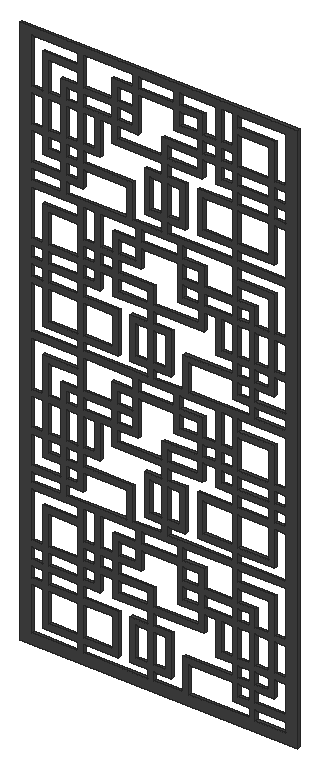
Revit family "Squares", category Generic Models, Revit 2016
Family settings
  Part Type = Normal
  Can host rebar = No
  Round Connector Dimension = Use Diameter
  Work Plane-Based = Yes
  Always vertical = No
  Cut with Voids When Loaded = No
  Shared = No
  Room Calculation Point = No
Parameters
  Default Elevation = 4' - 0"
Reference planes (in)
  plane 1 "Center (Front/Back)": y = 0
  plane 2: z = 0
  plane 3 "Center (Left/Right)": x = 0
Forms (in)
  Extrusion 1, solid, material "Black)"
    sketch origin (288, 0, 0) x (1, 0, 0) y (0, 0, 1)
      loop
        line (-240, 95.75) -> (-288, 95.75) -> (-288, 0) -> (-240, 0) -> (-240, 95.75)
      loop
        line (-286, 1.76282) -> (-278, 1.76282) -> (-278, 3.18665) -> (-284.07617, 3.18665) -> (-284.07617, 9.26282) -> (-286, 9.26282) -> (-286, 1.76282)
      loop
        line (-242, 24.11049) -> (-250.2285, 24.11049) -> (-250.2285, 22.18665) -> (-243.92383, 22.18665) -> (-243.92383, 16.11049) -> (-242, 16.11049) -> (-242, 24.11049)
      loop
        line (-277, 1.76282) -> (-265.84767, 1.76282) -> (-265.84767, 3.18665) -> (-268.92383, 3.18665) -> (-268.92383, 10.26282) -> (-265.84767, 10.26282) -> (-265.84767, 12.18665) -> (-271.92383, 12.18665) -> (-271.92383, 15.11049) -> (-274.07617, 15.11049) -> (-274.07617, 12.18665) -> (-277, 12.18665) -> (-277, 10.26282) -> (-270.92383, 10.26282) -> (-270.92383, 3.18665) -> (-277, 3.18665) -> (-277, 1.76282)
      loop
        line (-286, 10.26282) -> (-284.07617, 10.26282) -> (-284.07617, 12.18665) -> (-286, 12.18665) -> (-286, 10.26282)
      loop
        line (-286, 13.18665) -> (-284.07617, 13.18665) -> (-284.07617, 15.11049) -> (-286, 15.11049) -> (-286, 13.18665)
      loop
        line (-286, 16.11049) -> (-284.07617, 16.11049) -> (-284.07617, 22.18665) -> (-278, 22.18665) -> (-278, 24.11049) -> (-286, 24.11049) -> (-286, 16.11049)
      loop
        line (-283.07617, 21.18665) -> (-283.07617, 16.11049) -> (-278, 16.11049) -> (-278, 21.18665) -> (-283.07617, 21.18665)
      loop
        line (-283.07617, 4.18665) -> (-278, 4.18665) -> (-278, 9.26282) -> (-283.07617, 9.26282) -> (-283.07617, 4.18665)
      loop
        line (-271.92383, 9.26282) -> (-277, 9.26282) -> (-277, 4.18665) -> (-271.92383, 4.18665) -> (-271.92383, 9.26282)
      loop
        line (-275.07617, 24.11049) -> (-277, 24.11049) -> (-277, 19.03432) -> (-275.07617, 19.03432) -> (-275.07617, 24.11049)
      loop
        line (-274.07617, 24.11049) -> (-274.07617, 19.03432) -> (-271.92383, 19.03432) -> (-271.92383, 22.18665) -> (-267.92383, 22.18665) -> (-267.92383, 24.11049) -> (-274.07617, 24.11049)
      loop
        line (-264.84767, 16.11049) -> (-264.84767, 13.18665) -> (-257.07617, 13.18665) -> (-257.07617, 15.11049) -> (-260.7715, 15.11049) -> (-260.7715, 21.18665) -> (-266.92383, 21.18665) -> (-266.92383, 18.03432) -> (-270.92383, 18.03432) -> (-270.92383, 16.11049) -> (-264.84767, 16.11049)
      loop
        line (-265.84767, 15.11049) -> (-270.92383, 15.11049) -> (-270.92383, 13.18665) -> (-265.84767, 13.18665) -> (-265.84767, 15.11049)
      loop
        line (-261.7715, 10.26282) -> (-261.7715, 3.18665) -> (-264.84767, 3.18665) -> (-264.84767, 1.76282) -> (-259.7715, 1.76282) -> (-259.7715, 7.33898) -> (-251.2285, 7.33898) -> (-251.2285, 9.26282) -> (-254.15233, 9.26282) -> (-254.15233, 15.11049) -> (-256.07617, 15.11049) -> (-256.07617, 12.18665) -> (-264.84767, 12.18665) -> (-264.84767, 10.26282) -> (-261.7715, 10.26282)
      loop
        line (-262.7715, 9.26282) -> (-264.84767, 9.26282) -> (-264.84767, 4.18665) -> (-262.7715, 4.18665) -> (-262.7715, 9.26282)
      loop
        line (-267.92383, 9.26282) -> (-267.92383, 4.18665) -> (-265.84767, 4.18665) -> (-265.84767, 9.26282) -> (-267.92383, 9.26282)
      loop
        line (-270.92383, 21.18665) -> (-270.92383, 19.03432) -> (-267.92383, 19.03432) -> (-267.92383, 21.18665) -> (-270.92383, 21.18665)
      loop
        line (-277, 18.03432) -> (-277, 16.11049) -> (-275.07617, 16.11049) -> (-275.07617, 18.03432) -> (-277, 18.03432)
      loop
        line (-266.92383, 24.11049) -> (-266.92383, 22.18665) -> (-260.7715, 22.18665) -> (-260.7715, 24.11049) -> (-266.92383, 24.11049)
      loop
        line (-256.07617, 22.18665) -> (-256.07617, 19.03432) -> (-251.2285, 19.03432) -> (-251.2285, 24.11049) -> (-259.7715, 24.11049) -> (-259.7715, 22.18665) -> (-256.07617, 22.18665)
      loop
        line (-257.07617, 21.18665) -> (-259.7715, 21.18665) -> (-259.7715, 19.03432) -> (-257.07617, 19.03432) -> (-257.07617, 21.18665)
      loop
        line (-258.7715, 6.33898) -> (-258.7715, 1.76282) -> (-248.30467, 1.76282) -> (-248.30467, 3.41515) -> (-251.2285, 3.41515) -> (-251.2285, 6.33898) -> (-258.7715, 6.33898)
      loop
        line (-253.15233, 10.26282) -> (-251.2285, 10.26282) -> (-251.2285, 15.11049) -> (-253.15233, 15.11049) -> (-253.15233, 10.26282)
      loop
        line (-259.7715, 16.11049) -> (-257.07617, 16.11049) -> (-257.07617, 18.03432) -> (-259.7715, 18.03432) -> (-259.7715, 16.11049)
      loop
        line (-250.2285, 4.41515) -> (-248.30467, 4.41515) -> (-248.30467, 6.33898) -> (-250.2285, 6.33898) -> (-250.2285, 4.41515)
      loop
        line (-247.30467, 19.03432) -> (-247.30467, 16.11049) -> (-244.92383, 16.11049) -> (-244.92383, 21.18665) -> (-250.2285, 21.18665) -> (-250.2285, 19.03432) -> (-247.30467, 19.03432)
      loop
        line (-248.30467, 18.03432) -> (-250.2285, 18.03432) -> (-250.2285, 16.11049) -> (-248.30467, 16.11049) -> (-248.30467, 18.03432)
      loop
        line (-277, 15.11049) -> (-277, 13.18665) -> (-275.07617, 13.18665) -> (-275.07617, 15.11049) -> (-277, 15.11049)
      loop
        line (-278, 13.18665) -> (-278, 15.11049) -> (-283.07617, 15.11049) -> (-283.07617, 13.18665) -> (-278, 13.18665)
      loop
        line (-278, 10.26282) -> (-278, 12.18665) -> (-283.07617, 12.18665) -> (-283.07617, 10.26282) -> (-278, 10.26282)
      loop
        line (-274.07617, 18.03432) -> (-274.07617, 16.11049) -> (-271.92383, 16.11049) -> (-271.92383, 18.03432) -> (-274.07617, 18.03432)
      loop
        line (-256.07617, 18.03432) -> (-256.07617, 16.11049) -> (-251.2285, 16.11049) -> (-251.2285, 18.03432) -> (-256.07617, 18.03432)
      loop
        line (-250.2285, 15.11049) -> (-250.2285, 10.26282) -> (-248.30467, 10.26282) -> (-248.30467, 15.11049) -> (-250.2285, 15.11049)
      loop
        line (-247.30467, 15.11049) -> (-247.30467, 10.26282) -> (-244.92383, 10.26282) -> (-244.92383, 15.11049) -> (-247.30467, 15.11049)
      loop
        line (-243.92383, 15.11049) -> (-243.92383, 10.26282) -> (-242, 10.26282) -> (-242, 15.11049) -> (-243.92383, 15.11049)
      loop
        line (-250.2285, 9.26282) -> (-250.2285, 7.33898) -> (-248.30467, 7.33898) -> (-248.30467, 9.26282) -> (-250.2285, 9.26282)
      loop
        line (-247.30467, 9.26282) -> (-247.30467, 7.33898) -> (-244.92383, 7.33898) -> (-244.92383, 9.26282) -> (-247.30467, 9.26282)
      loop
        line (-243.92383, 9.26282) -> (-243.92383, 6.33898) -> (-247.30467, 6.33898) -> (-247.30467, 4.41515) -> (-242, 4.41515) -> (-242, 9.26282) -> (-243.92383, 9.26282)
      loop
        line (-247.30467, 3.41515) -> (-247.30467, 1.76282) -> (-242, 1.76282) -> (-242, 3.41515) -> (-247.30467, 3.41515)
      loop
        line (-250.2285, 25.11049) -> (-242, 25.11049) -> (-242, 32.61049) -> (-243.92383, 32.61049) -> (-243.92383, 26.53432) -> (-250.2285, 26.53432) -> (-250.2285, 25.11049)
      loop
        line (-286, 47.45815) -> (-286, 39.45815) -> (-284.07617, 39.45815) -> (-284.07617, 45.53432) -> (-278, 45.53432) -> (-278, 47.45815) -> (-286, 47.45815)
      loop
        line (-251.2285, 25.11049) -> (-251.2285, 26.53432) -> (-257.30467, 26.53432) -> (-257.30467, 33.61049) -> (-251.2285, 33.61049) -> (-251.2285, 35.53432) -> (-254.15233, 35.53432) -> (-254.15233, 38.45815) -> (-256.30467, 38.45815) -> (-256.30467, 35.53432) -> (-262.38083, 35.53432) -> (-262.38083, 33.61049) -> (-259.30467, 33.61049) -> (-259.30467, 26.53432) -> (-262.38083, 26.53432) -> (-262.38083, 25.11049) -> (-251.2285, 25.11049)
      loop
        line (-242, 33.61049) -> (-242, 35.53432) -> (-243.92383, 35.53432) -> (-243.92383, 33.61049) -> (-242, 33.61049)
      loop
        line (-242, 36.53432) -> (-242, 38.45815) -> (-243.92383, 38.45815) -> (-243.92383, 36.53432) -> (-242, 36.53432)
      loop
        line (-242, 39.45815) -> (-242, 47.45815) -> (-250.2285, 47.45815) -> (-250.2285, 45.53432) -> (-243.92383, 45.53432) -> (-243.92383, 39.45815) -> (-242, 39.45815)
      loop
        line (-244.92383, 44.53432) -> (-250.2285, 44.53432) -> (-250.2285, 39.45815) -> (-244.92383, 39.45815) -> (-244.92383, 44.53432)
      loop
        line (-244.92383, 27.53432) -> (-244.92383, 32.61049) -> (-250.2285, 32.61049) -> (-250.2285, 27.53432) -> (-244.92383, 27.53432)
      loop
        line (-256.30467, 32.61049) -> (-256.30467, 27.53432) -> (-251.2285, 27.53432) -> (-251.2285, 32.61049) -> (-256.30467, 32.61049)
      loop
        line (-253.15233, 47.45815) -> (-253.15233, 42.38199) -> (-251.2285, 42.38199) -> (-251.2285, 47.45815) -> (-253.15233, 47.45815)
      loop
        line (-254.15233, 47.45815) -> (-260.30467, 47.45815) -> (-260.30467, 45.53432) -> (-256.30467, 45.53432) -> (-256.30467, 42.38199) -> (-254.15233, 42.38199) -> (-254.15233, 47.45815)
      loop
        line (-263.38083, 39.45815) -> (-257.30467, 39.45815) -> (-257.30467, 41.38199) -> (-261.30467, 41.38199) -> (-261.30467, 44.53432) -> (-267.457, 44.53432) -> (-267.457, 38.45815) -> (-271.15233, 38.45815) -> (-271.15233, 36.53432) -> (-263.38083, 36.53432) -> (-263.38083, 39.45815)
      loop
        line (-262.38083, 38.45815) -> (-262.38083, 36.53432) -> (-257.30467, 36.53432) -> (-257.30467, 38.45815) -> (-262.38083, 38.45815)
      loop
        line (-266.457, 33.61049) -> (-263.38083, 33.61049) -> (-263.38083, 35.53432) -> (-272.15233, 35.53432) -> (-272.15233, 38.45815) -> (-274.07617, 38.45815) -> (-274.07617, 32.61049) -> (-277, 32.61049) -> (-277, 30.68665) -> (-268.457, 30.68665) -> (-268.457, 25.11049) -> (-263.38083, 25.11049) -> (-263.38083, 26.53432) -> (-266.457, 26.53432) -> (-266.457, 33.61049)
      loop
        line (-265.457, 32.61049) -> (-265.457, 27.53432) -> (-263.38083, 27.53432) -> (-263.38083, 32.61049) -> (-265.457, 32.61049)
      loop
        line (-260.30467, 32.61049) -> (-262.38083, 32.61049) -> (-262.38083, 27.53432) -> (-260.30467, 27.53432) -> (-260.30467, 32.61049)
      loop
        line (-257.30467, 44.53432) -> (-260.30467, 44.53432) -> (-260.30467, 42.38199) -> (-257.30467, 42.38199) -> (-257.30467, 44.53432)
      loop
        line (-251.2285, 41.38199) -> (-253.15233, 41.38199) -> (-253.15233, 39.45815) -> (-251.2285, 39.45815) -> (-251.2285, 41.38199)
      loop
        line (-261.30467, 47.45815) -> (-267.457, 47.45815) -> (-267.457, 45.53432) -> (-261.30467, 45.53432) -> (-261.30467, 47.45815)
      loop
        line (-272.15233, 45.53432) -> (-268.457, 45.53432) -> (-268.457, 47.45815) -> (-277, 47.45815) -> (-277, 42.38199) -> (-272.15233, 42.38199) -> (-272.15233, 45.53432)
      loop
        line (-271.15233, 44.53432) -> (-271.15233, 42.38199) -> (-268.457, 42.38199) -> (-268.457, 44.53432) -> (-271.15233, 44.53432)
      loop
        line (-269.457, 29.68665) -> (-277, 29.68665) -> (-277, 26.76282) -> (-279.92383, 26.76282) -> (-279.92383, 25.11049) -> (-269.457, 25.11049) -> (-269.457, 29.68665)
      loop
        line (-275.07617, 33.61049) -> (-275.07617, 38.45815) -> (-277, 38.45815) -> (-277, 33.61049) -> (-275.07617, 33.61049)
      loop
        line (-268.457, 39.45815) -> (-268.457, 41.38199) -> (-271.15233, 41.38199) -> (-271.15233, 39.45815) -> (-268.457, 39.45815)
      loop
        line (-278, 27.76282) -> (-278, 29.68665) -> (-279.92383, 29.68665) -> (-279.92383, 27.76282) -> (-278, 27.76282)
      loop
        line (-280.92383, 42.38199) -> (-278, 42.38199) -> (-278, 44.53432) -> (-283.07617, 44.53432) -> (-283.07617, 39.45815) -> (-280.92383, 39.45815) -> (-280.92383, 42.38199)
      loop
        line (-279.92383, 41.38199) -> (-279.92383, 39.45815) -> (-278, 39.45815) -> (-278, 41.38199) -> (-279.92383, 41.38199)
      loop
        line (-251.2285, 38.45815) -> (-253.15233, 38.45815) -> (-253.15233, 36.53432) -> (-251.2285, 36.53432) -> (-251.2285, 38.45815)
      loop
        line (-250.2285, 36.53432) -> (-244.92383, 36.53432) -> (-244.92383, 38.45815) -> (-250.2285, 38.45815) -> (-250.2285, 36.53432)
      loop
        line (-250.2285, 33.61049) -> (-244.92383, 33.61049) -> (-244.92383, 35.53432) -> (-250.2285, 35.53432) -> (-250.2285, 33.61049)
      loop
        line (-254.15233, 41.38199) -> (-256.30467, 41.38199) -> (-256.30467, 39.45815) -> (-254.15233, 39.45815) -> (-254.15233, 41.38199)
      loop
        line (-272.15233, 41.38199) -> (-277, 41.38199) -> (-277, 39.45815) -> (-272.15233, 39.45815) -> (-272.15233, 41.38199)
      loop
        line (-278, 38.45815) -> (-279.92383, 38.45815) -> (-279.92383, 33.61049) -> (-278, 33.61049) -> (-278, 38.45815)
      loop
        line (-280.92383, 38.45815) -> (-283.07617, 38.45815) -> (-283.07617, 33.61049) -> (-280.92383, 33.61049) -> (-280.92383, 38.45815)
      loop
        line (-284.07617, 38.45815) -> (-286, 38.45815) -> (-286, 33.61049) -> (-284.07617, 33.61049) -> (-284.07617, 38.45815)
      loop
        line (-278, 32.61049) -> (-279.92383, 32.61049) -> (-279.92383, 30.68665) -> (-278, 30.68665) -> (-278, 32.61049)
      loop
        line (-280.92383, 32.61049) -> (-283.07617, 32.61049) -> (-283.07617, 30.68665) -> (-280.92383, 30.68665) -> (-280.92383, 32.61049)
      loop
        line (-284.07617, 32.61049) -> (-286, 32.61049) -> (-286, 27.76282) -> (-280.92383, 27.76282) -> (-280.92383, 29.68665) -> (-284.07617, 29.68665) -> (-284.07617, 32.61049)
      loop
        line (-280.92383, 26.76282) -> (-286, 26.76282) -> (-286, 25.11049) -> (-280.92383, 25.11049) -> (-280.92383, 26.76282)
      loop
        line (-286, 48.54185) -> (-278, 48.54185) -> (-278, 49.96568) -> (-284.07617, 49.96568) -> (-284.07617, 56.04185) -> (-286, 56.04185) -> (-286, 48.54185)
      loop
        line (-242, 70.88951) -> (-250.2285, 70.88951) -> (-250.2285, 68.96568) -> (-243.92383, 68.96568) -> (-243.92383, 62.88951) -> (-242, 62.88951) -> (-242, 70.88951)
      loop
        line (-277, 48.54185) -> (-265.84767, 48.54185) -> (-265.84767, 49.96568) -> (-268.92383, 49.96568) -> (-268.92383, 57.04185) -> (-265.84767, 57.04185) -> (-265.84767, 58.96568) -> (-271.92383, 58.96568) -> (-271.92383, 61.88951) -> (-274.07617, 61.88951) -> (-274.07617, 58.96568) -> (-277, 58.96568) -> (-277, 57.04185) -> (-270.92383, 57.04185) -> (-270.92383, 49.96568) -> (-277, 49.96568) -> (-277, 48.54185)
      loop
        line (-286, 57.04185) -> (-284.07617, 57.04185) -> (-284.07617, 58.96568) -> (-286, 58.96568) -> (-286, 57.04185)
      loop
        line (-286, 59.96568) -> (-284.07617, 59.96568) -> (-284.07617, 61.88951) -> (-286, 61.88951) -> (-286, 59.96568)
      loop
        line (-286, 62.88951) -> (-284.07617, 62.88951) -> (-284.07617, 68.96568) -> (-278, 68.96568) -> (-278, 70.88951) -> (-286, 70.88951) -> (-286, 62.88951)
      loop
        line (-283.07617, 67.96568) -> (-283.07617, 62.88951) -> (-278, 62.88951) -> (-278, 67.96568) -> (-283.07617, 67.96568)
      loop
        line (-283.07617, 50.96568) -> (-278, 50.96568) -> (-278, 56.04185) -> (-283.07617, 56.04185) -> (-283.07617, 50.96568)
      loop
        line (-271.92383, 56.04185) -> (-277, 56.04185) -> (-277, 50.96568) -> (-271.92383, 50.96568) -> (-271.92383, 56.04185)
      loop
        line (-275.07617, 70.88951) -> (-277, 70.88951) -> (-277, 65.81335) -> (-275.07617, 65.81335) -> (-275.07617, 70.88951)
      loop
        line (-274.07617, 70.88951) -> (-274.07617, 65.81335) -> (-271.92383, 65.81335) -> (-271.92383, 68.96568) -> (-267.92383, 68.96568) -> (-267.92383, 70.88951) -> (-274.07617, 70.88951)
      loop
        line (-264.84767, 62.88951) -> (-264.84767, 59.96568) -> (-257.07617, 59.96568) -> (-257.07617, 61.88951) -> (-260.7715, 61.88951) -> (-260.7715, 67.96568) -> (-266.92383, 67.96568) -> (-266.92383, 64.81335) -> (-270.92383, 64.81335) -> (-270.92383, 62.88951) -> (-264.84767, 62.88951)
      loop
        line (-265.84767, 61.88951) -> (-270.92383, 61.88951) -> (-270.92383, 59.96568) -> (-265.84767, 59.96568) -> (-265.84767, 61.88951)
      loop
        line (-261.7715, 57.04185) -> (-261.7715, 49.96568) -> (-264.84767, 49.96568) -> (-264.84767, 48.54185) -> (-259.7715, 48.54185) -> (-259.7715, 54.11801) -> (-251.2285, 54.11801) -> (-251.2285, 56.04185) -> (-254.15233, 56.04185) -> (-254.15233, 61.88951) -> (-256.07617, 61.88951) -> (-256.07617, 58.96568) -> (-264.84767, 58.96568) -> (-264.84767, 57.04185) -> (-261.7715, 57.04185)
      loop
        line (-262.7715, 56.04185) -> (-264.84767, 56.04185) -> (-264.84767, 50.96568) -> (-262.7715, 50.96568) -> (-262.7715, 56.04185)
      loop
        line (-267.92383, 56.04185) -> (-267.92383, 50.96568) -> (-265.84767, 50.96568) -> (-265.84767, 56.04185) -> (-267.92383, 56.04185)
      loop
        line (-270.92383, 67.96568) -> (-270.92383, 65.81335) -> (-267.92383, 65.81335) -> (-267.92383, 67.96568) -> (-270.92383, 67.96568)
      loop
        line (-277, 64.81335) -> (-277, 62.88951) -> (-275.07617, 62.88951) -> (-275.07617, 64.81335) -> (-277, 64.81335)
      loop
        line (-266.92383, 70.88951) -> (-266.92383, 68.96568) -> (-260.7715, 68.96568) -> (-260.7715, 70.88951) -> (-266.92383, 70.88951)
      loop
        line (-256.07617, 68.96568) -> (-256.07617, 65.81335) -> (-251.2285, 65.81335) -> (-251.2285, 70.88951) -> (-259.7715, 70.88951) -> (-259.7715, 68.96568) -> (-256.07617, 68.96568)
      loop
        line (-257.07617, 67.96568) -> (-259.7715, 67.96568) -> (-259.7715, 65.81335) -> (-257.07617, 65.81335) -> (-257.07617, 67.96568)
      loop
        line (-258.7715, 53.11801) -> (-258.7715, 48.54185) -> (-248.30467, 48.54185) -> (-248.30467, 50.19418) -> (-251.2285, 50.19418) -> (-251.2285, 53.11801) -> (-258.7715, 53.11801)
      loop
        line (-253.15233, 57.04185) -> (-251.2285, 57.04185) -> (-251.2285, 61.88951) -> (-253.15233, 61.88951) -> (-253.15233, 57.04185)
      loop
        line (-259.7715, 62.88951) -> (-257.07617, 62.88951) -> (-257.07617, 64.81335) -> (-259.7715, 64.81335) -> (-259.7715, 62.88951)
      loop
        line (-250.2285, 51.19418) -> (-248.30467, 51.19418) -> (-248.30467, 53.11801) -> (-250.2285, 53.11801) -> (-250.2285, 51.19418)
      loop
        line (-247.30467, 65.81335) -> (-247.30467, 62.88951) -> (-244.92383, 62.88951) -> (-244.92383, 67.96568) -> (-250.2285, 67.96568) -> (-250.2285, 65.81335) -> (-247.30467, 65.81335)
      loop
        line (-248.30467, 64.81335) -> (-250.2285, 64.81335) -> (-250.2285, 62.88951) -> (-248.30467, 62.88951) -> (-248.30467, 64.81335)
      loop
        line (-277, 61.88951) -> (-277, 59.96568) -> (-275.07617, 59.96568) -> (-275.07617, 61.88951) -> (-277, 61.88951)
      loop
        line (-278, 59.96568) -> (-278, 61.88951) -> (-283.07617, 61.88951) -> (-283.07617, 59.96568) -> (-278, 59.96568)
      loop
        line (-278, 57.04185) -> (-278, 58.96568) -> (-283.07617, 58.96568) -> (-283.07617, 57.04185) -> (-278, 57.04185)
      loop
        line (-274.07617, 64.81335) -> (-274.07617, 62.88951) -> (-271.92383, 62.88951) -> (-271.92383, 64.81335) -> (-274.07617, 64.81335)
      loop
        line (-256.07617, 64.81335) -> (-256.07617, 62.88951) -> (-251.2285, 62.88951) -> (-251.2285, 64.81335) -> (-256.07617, 64.81335)
      loop
        line (-250.2285, 61.88951) -> (-250.2285, 57.04185) -> (-248.30467, 57.04185) -> (-248.30467, 61.88951) -> (-250.2285, 61.88951)
      loop
        line (-247.30467, 61.88951) -> (-247.30467, 57.04185) -> (-244.92383, 57.04185) -> (-244.92383, 61.88951) -> (-247.30467, 61.88951)
      loop
        line (-243.92383, 61.88951) -> (-243.92383, 57.04185) -> (-242, 57.04185) -> (-242, 61.88951) -> (-243.92383, 61.88951)
      loop
        line (-250.2285, 56.04185) -> (-250.2285, 54.11801) -> (-248.30467, 54.11801) -> (-248.30467, 56.04185) -> (-250.2285, 56.04185)
      loop
        line (-247.30467, 56.04185) -> (-247.30467, 54.11801) -> (-244.92383, 54.11801) -> (-244.92383, 56.04185) -> (-247.30467, 56.04185)
      loop
        line (-243.92383, 56.04185) -> (-243.92383, 53.11801) -> (-247.30467, 53.11801) -> (-247.30467, 51.19418) -> (-242, 51.19418) -> (-242, 56.04185) -> (-243.92383, 56.04185)
      loop
        line (-247.30467, 50.19418) -> (-247.30467, 48.54185) -> (-242, 48.54185) -> (-242, 50.19418) -> (-247.30467, 50.19418)
      loop
        line (-250.2285, 71.88951) -> (-242, 71.88951) -> (-242, 79.63951) -> (-243.92383, 79.63951) -> (-243.92383, 73.56335) -> (-250.2285, 73.56335) -> (-250.2285, 71.88951)
      loop
        line (-286, 94.48718) -> (-286, 86.48718) -> (-284.07617, 86.48718) -> (-284.07617, 92.56335) -> (-278, 92.56335) -> (-278, 94.48718) -> (-286, 94.48718)
      loop
        line (-251.2285, 71.88951) -> (-251.2285, 73.56335) -> (-257.30467, 73.56335) -> (-257.30467, 80.63951) -> (-251.2285, 80.63951) -> (-251.2285, 82.56335) -> (-254.15233, 82.56335) -> (-254.15233, 85.48718) -> (-256.30467, 85.48718) -> (-256.30467, 82.56335) -> (-262.38083, 82.56335) -> (-262.38083, 80.63951) -> (-259.30467, 80.63951) -> (-259.30467, 73.56335) -> (-262.38083, 73.56335) -> (-262.38083, 71.88951) -> (-251.2285, 71.88951)
      loop
        line (-242, 80.63951) -> (-242, 82.56335) -> (-243.92383, 82.56335) -> (-243.92383, 80.63951) -> (-242, 80.63951)
      loop
        line (-242, 83.56335) -> (-242, 85.48718) -> (-243.92383, 85.48718) -> (-243.92383, 83.56335) -> (-242, 83.56335)
      loop
        line (-242, 86.48718) -> (-242, 94.48718) -> (-250.2285, 94.48718) -> (-250.2285, 92.56335) -> (-243.92383, 92.56335) -> (-243.92383, 86.48718) -> (-242, 86.48718)
      loop
        line (-244.92383, 91.56335) -> (-250.2285, 91.56335) -> (-250.2285, 86.48718) -> (-244.92383, 86.48718) -> (-244.92383, 91.56335)
      loop
        line (-244.92383, 74.56335) -> (-244.92383, 79.63951) -> (-250.2285, 79.63951) -> (-250.2285, 74.56335) -> (-244.92383, 74.56335)
      loop
        line (-256.30467, 79.63951) -> (-256.30467, 74.56335) -> (-251.2285, 74.56335) -> (-251.2285, 79.63951) -> (-256.30467, 79.63951)
      loop
        line (-253.15233, 94.48718) -> (-253.15233, 89.41102) -> (-251.2285, 89.41102) -> (-251.2285, 94.48718) -> (-253.15233, 94.48718)
      loop
        line (-254.15233, 94.48718) -> (-260.30467, 94.48718) -> (-260.30467, 92.56335) -> (-256.30467, 92.56335) -> (-256.30467, 89.41102) -> (-254.15233, 89.41102) -> (-254.15233, 94.48718)
      loop
        line (-263.38083, 86.48718) -> (-257.30467, 86.48718) -> (-257.30467, 88.41102) -> (-261.30467, 88.41102) -> (-261.30467, 91.56335) -> (-267.457, 91.56335) -> (-267.457, 85.48718) -> (-271.15233, 85.48718) -> (-271.15233, 83.56335) -> (-263.38083, 83.56335) -> (-263.38083, 86.48718)
      loop
        line (-262.38083, 85.48718) -> (-262.38083, 83.56335) -> (-257.30467, 83.56335) -> (-257.30467, 85.48718) -> (-262.38083, 85.48718)
      loop
        line (-266.457, 80.63951) -> (-263.38083, 80.63951) -> (-263.38083, 82.56335) -> (-272.15233, 82.56335) -> (-272.15233, 85.48718) -> (-274.07617, 85.48718) -> (-274.07617, 79.63951) -> (-277, 79.63951) -> (-277, 77.71568) -> (-268.457, 77.71568) -> (-268.457, 71.88951) -> (-263.38083, 71.88951) -> (-263.38083, 73.56335) -> (-266.457, 73.56335) -> (-266.457, 80.63951)
      loop
        line (-265.457, 79.63951) -> (-265.457, 74.56335) -> (-263.38083, 74.56335) -> (-263.38083, 79.63951) -> (-265.457, 79.63951)
      loop
        line (-260.30467, 79.63951) -> (-262.38083, 79.63951) -> (-262.38083, 74.56335) -> (-260.30467, 74.56335) -> (-260.30467, 79.63951)
      loop
        line (-257.30467, 91.56335) -> (-260.30467, 91.56335) -> (-260.30467, 89.41102) -> (-257.30467, 89.41102) -> (-257.30467, 91.56335)
      loop
        line (-251.2285, 88.41102) -> (-253.15233, 88.41102) -> (-253.15233, 86.48718) -> (-251.2285, 86.48718) -> (-251.2285, 88.41102)
      loop
        line (-261.30467, 94.48718) -> (-267.457, 94.48718) -> (-267.457, 92.56335) -> (-261.30467, 92.56335) -> (-261.30467, 94.48718)
      loop
        line (-272.15233, 92.56335) -> (-268.457, 92.56335) -> (-268.457, 94.48718) -> (-277, 94.48718) -> (-277, 89.41102) -> (-272.15233, 89.41102) -> (-272.15233, 92.56335)
      loop
        line (-271.15233, 91.56335) -> (-271.15233, 89.41102) -> (-268.457, 89.41102) -> (-268.457, 91.56335) -> (-271.15233, 91.56335)
      loop
        line (-269.457, 76.71568) -> (-277, 76.71568) -> (-277, 73.79185) -> (-279.92383, 73.79185) -> (-279.92383, 71.88951) -> (-269.457, 71.88951) -> (-269.457, 76.71568)
      loop
        line (-275.07617, 80.63951) -> (-275.07617, 85.48718) -> (-277, 85.48718) -> (-277, 80.63951) -> (-275.07617, 80.63951)
      loop
        line (-268.457, 86.48718) -> (-268.457, 88.41102) -> (-271.15233, 88.41102) -> (-271.15233, 86.48718) -> (-268.457, 86.48718)
      loop
        line (-278, 74.79185) -> (-278, 76.71568) -> (-279.92383, 76.71568) -> (-279.92383, 74.79185) -> (-278, 74.79185)
      loop
        line (-280.92383, 89.41102) -> (-278, 89.41102) -> (-278, 91.56335) -> (-283.07617, 91.56335) -> (-283.07617, 86.48718) -> (-280.92383, 86.48718) -> (-280.92383, 89.41102)
      loop
        line (-279.92383, 88.41102) -> (-279.92383, 86.48718) -> (-278, 86.48718) -> (-278, 88.41102) -> (-279.92383, 88.41102)
      loop
        line (-251.2285, 85.48718) -> (-253.15233, 85.48718) -> (-253.15233, 83.56335) -> (-251.2285, 83.56335) -> (-251.2285, 85.48718)
      loop
        line (-250.2285, 83.56335) -> (-244.92383, 83.56335) -> (-244.92383, 85.48718) -> (-250.2285, 85.48718) -> (-250.2285, 83.56335)
      loop
        line (-250.2285, 80.63951) -> (-244.92383, 80.63951) -> (-244.92383, 82.56335) -> (-250.2285, 82.56335) -> (-250.2285, 80.63951)
      loop
        line (-254.15233, 88.41102) -> (-256.30467, 88.41102) -> (-256.30467, 86.48718) -> (-254.15233, 86.48718) -> (-254.15233, 88.41102)
      loop
        line (-272.15233, 88.41102) -> (-277, 88.41102) -> (-277, 86.48718) -> (-272.15233, 86.48718) -> (-272.15233, 88.41102)
      loop
        line (-278, 85.48718) -> (-279.92383, 85.48718) -> (-279.92383, 80.63951) -> (-278, 80.63951) -> (-278, 85.48718)
      loop
        line (-280.92383, 85.48718) -> (-283.07617, 85.48718) -> (-283.07617, 80.63951) -> (-280.92383, 80.63951) -> (-280.92383, 85.48718)
      loop
        line (-284.07617, 85.48718) -> (-286, 85.48718) -> (-286, 80.63951) -> (-284.07617, 80.63951) -> (-284.07617, 85.48718)
      loop
        line (-278, 79.63951) -> (-279.92383, 79.63951) -> (-279.92383, 77.71568) -> (-278, 77.71568) -> (-278, 79.63951)
      loop
        line (-280.92383, 79.63951) -> (-283.07617, 79.63951) -> (-283.07617, 77.71568) -> (-280.92383, 77.71568) -> (-280.92383, 79.63951)
      loop
        line (-284.07617, 79.63951) -> (-286, 79.63951) -> (-286, 74.79185) -> (-280.92383, 74.79185) -> (-280.92383, 76.71568) -> (-284.07617, 76.71568) -> (-284.07617, 79.63951)
      loop
        line (-280.92383, 73.79185) -> (-286, 73.79185) -> (-286, 71.88951) -> (-280.92383, 71.88951) -> (-280.92383, 73.79185)
    from 0 to 0.5
Dimensions and locks (in)
  aligned and locked: level to plane 2
